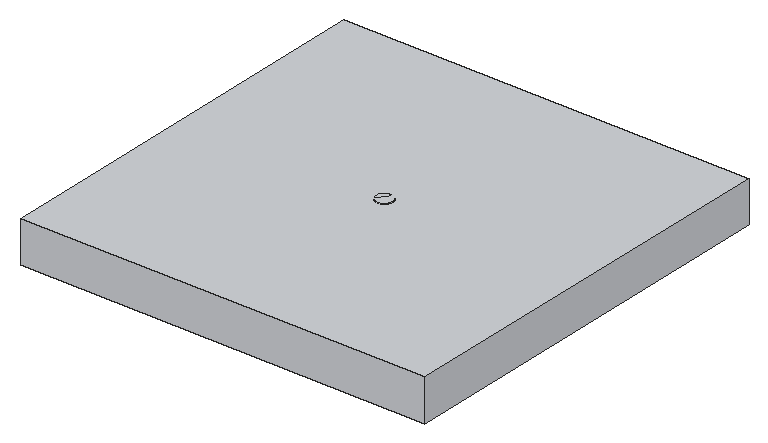
Revit family "M_Round Face Opening SolidV20", category Generic Models, host Face, Revit 2020
Family settings
  Host = Face
  Can host rebar = No
  Round Connector Dimension = Use Diameter
  Part Type = Normal
  OmniClass Number = 23.30.00.00
  OmniClass Title = Openings, Passages, Protection
  Cut with Voids When Loaded = Yes
  Shared = No
  Room Calculation Point = No
Parameters (values of type "Round Face Opening")
  Struc - Date [instance] = ""
  Struc - Comment [instance] = "-"
  Struc - Approval [instance] = no
  Slope_Help [instance] = if(Face Offset_True = 0 cm, 0.2 cm, 0.1 cm)  # 0.2 cm
  Service Type [instance] = ""
  Opening Shape [instance] = ""
  Opening Mark [instance] = ""
  Opening Level [instance] = ""
  Opening Elevation [instance] = 0 cm
  MEP - Not Required [instance] = no
  MEP - Date [instance] = ""
  MEP - Comment [instance] = "-"
  MEP - Approval [instance] = no
  Face Offset_Positive [instance] = if(Face Offset_True > 0 cm, Face Offset_True, 0 cm)  # 0 cm
  Face Offset_Negative [instance] = if(Face Offset_True < 0 cm, -Face Offset_True, 0 cm)  # 0 cm
  Face Offset_True [instance] = if(Slope = 0.00°, Face Offset, 0 cm)  # 0 cm
  Face Offset [instance] = 0 cm
  Top Length [instance] = if(Face Offset_True = 0 cm, if(or(Slope < -1.00°, Slope > 1.00°), Diameter_True / 2 * if(Angle > 90.00°, -tan(Slope), tan(Slope)), 0 cm), 0 cm)  # 0 cm
  System Type [instance] = ""
  System Name [instance] = ""
  System Classification [instance] = ""
  Subcategory = "Cut Opening"  # constant formula
  Slope_T [instance] = if(and(not(Slope < 0.00°), Slope < 85.00°), Slope, 0.00°)  # 0.00°
  Slope [instance] = 0.00°
  Radius True [instance] = Diameter_True / 2  # 5 cm
  Radius [instance] = Diameter / 2  # 5 cm
  Opening Area [instance] = pi() * (Diameter / 2) ^ 2  # 0.00785398 m²
  Insertion Date [instance] = ""
  Insertion Configuration [instance] = ""
  Inserted By [instance] = ""
  Host [instance] = ""
  Filled Region = no
  Lines [instance] = not(Filled Region)  # yes
  Diameter [instance] = if(D > 0.4 cm, D + 2 * Cut Offset, 0.4 cm)  # 10 cm
  Detail - Yes / No [instance] = no
  Depth [instance] = 25 cm
  Dashed Outline = no
  D(") [instance] = (D) / (2.634)  # 3.7965 cm
  D Total [instance] = Diameter  # 10 cm
  D [instance] = 10 cm
  Depth_True [instance] = if(Depth + Face Offset_True > 0.2 cm, Depth + Face Offset_True, 0.2 cm)  # 25 cm
  Cut Offset Report [instance] = Cut Offset  # 0 cm
  Cut Offset [instance] = 0 cm
  Bottom Length [instance] = if(Face Offset_True = 0 cm, Depth_True / sin(if(or(Angle = 0.00°, Angle = 180.00°, Angle = 360.00°), 90.00°, Angle)) + if(or(Slope < -1.00°, Slope > 1.00°), Diameter_True / 2 * if(Angle > 90.00°, -tan(Slope), tan(Slope)), 0 cm), Depth_True)  # 25 cm
  Diameter_True [instance] = Diameter / sin(Angle)  # 10 cm
  Extrusion End [instance] = if(Depth > 0.2 cm, -Depth_True, -0.2 cm)  # -25 cm
  Default Elevation = 0 cm
  Assembly Code = ""
  Arc - Date [instance] = ""
  Arc - Comment [instance] = "-"
  Arc - Approval [instance] = no
  Angle [instance] = 90.00° - Slope  # 90.00°
  #Phase Created [instance] = ""
  #Level [instance] = ""
  #Family Name = "Basic Wall"
  #Elevation at Bottom [instance] = 0 cm
  ##Reference Level [instance] = ""
  ##Middle Elevation [instance] = 0 cm
  ##Design Option [instance] = ""
Reference planes (cm)
  plane 1 "Center (Front/Back)": y = 0
  plane 2: z = 0
  plane 3 "Center (Left/Right)": x = 0
  plane 4: x = -5
  plane 5: x = 5
  plane 6: y = -5
  plane 7: y = 5
  plane 8 "Face Offset_Positive": z = 0
  plane 9 "Face Offset_Negative": z = 0
Forms (cm)
  Extrusion 1, solid
    sketch origin (0, 0, 0) x (1, 0, 0) y (0, 1, 0)
      loop
        line (-121.92, 121.92) -> (-121.92, -121.92) -> (121.92, -121.92) -> (121.92, 121.92) -> (-121.92, 121.92)
    from 0 to -25 <- "Extrusion End"
  Sweep 2, solid
    path in 3D
      loop
        line (0, 0, 0) -> (0, 0, -0.2) -> (0, 0, -25)
    profile origin (0, 0, -12.6) x (1, 0, 0) y (0, 1, 0)
      loop
        circle (0, 0) r 5
Lines and regions (cm)
  reference lines
    curve 1: line (0, 0, -0.2) -> (0, 0, 0)
    curve 2: line (0, 0, -0.2) -> (0, 0, -25)
  sketch lines
    curve 3: line (0, 0, -0.2) -> (0, 0, -25)
    curve 4: line (0, 0, -0.2) -> (0, 0, 0)
  symbolic lines
    curve 5: line (-3.5355, -3.5355, 0) -> (3.5355, 3.5355, 0)
    curve 6: line (-3.5355, 3.5355, 0) -> (3.5355, -3.5355, 0)
  symbolic lines, visible <- "Dashed Outline"
    curve 7: circle (0, 0, 0) r 5 normal (0, 0, 1)
Dimensions and locks (cm)
  equal spacing: plane 4, plane 3 "Center (Left/Right)", plane 5
  "Diameter": plane 4 to plane 5
  equal spacing: plane 7, plane 1 "Center (Front/Back)", plane 6
  "Diameter_True": plane 7 to plane 6
  "Bottom Length": plane 9 "Face Offset_Negative" to curve 2
  "Top Length": plane 9 "Face Offset_Negative" to curve 1
  locked: curve 5 to curve 2
  locked: curve 6 to curve 2
  "Face Offset_Positive": plane 8 "Face Offset_Positive" to plane 2
  "Face Offset_Negative": plane 8 "Face Offset_Positive" to plane 9 "Face Offset_Negative"
  "Slope_Help": plane 9 "Face Offset_Negative" to curve 1
  "Radius": radius of Sweep 2 sketch curve
  "Radius": radius of curve 7
  "Angle": angle curve 2 to level
  "Angle": angle curve 1 to level
  angle plane 1 "Center (Front/Back)" to curve 5 = 45.00°
  angle curve 6 to plane 1 "Center (Front/Back)" = 45.00°
  aligned and locked: plane 2 to Extrusion 1
  aligned and locked: level to Extrusion 1
  aligned and locked: plane 1 "Center (Front/Back)" to curve 2
  aligned and locked: plane 3 "Center (Left/Right)" to Sweep 2 sketch curve
  aligned and locked: plane 6 to nested 1
  aligned and locked: nested 2 to plane 4
  aligned and locked: plane 6 to nested 3
  aligned and locked: plane 6 to nested 4
  aligned and locked: nested 5 to plane 4
  aligned and locked: nested 6 to plane 4
  aligned and locked: nested 4 to plane 9 "Face Offset_Negative"
  aligned and locked: nested 3 to plane 9 "Face Offset_Negative"
  aligned and locked: nested 1 to plane 9 "Face Offset_Negative"
  aligned and locked: nested 5 to plane 9 "Face Offset_Negative"
  aligned and locked: nested 2 to plane 9 "Face Offset_Negative"
  aligned and locked: nested 6 to plane 9 "Face Offset_Negative"
  aligned and locked: plane 3 "Center (Left/Right)" to curve 7
  aligned and locked: plane 1 "Center (Front/Back)" to curve 7
Automatic sketch dimensions
  Extrusion 1 sketch curve to Extrusion 1 sketch curve = 243.84 cm  (x2)
  profile plane to Sweep 2 sketch curve = 0 cm
Nested families (cm)
  nested 1: "Opening Lines - Front/Side" at (0, -5, 0) x (0, 1, 0) z (1, 0, 0), Width_or_Height <- "Diameter_True", Depth <- "Depth_True", Angle <- "Angle", visible <- "Lines", type "Standard"
    with Width_or_Height_True 10 cm, Width_or_Height 10 cm, Test Angle q 36.00°, Test Angle p 225.00°, Side Length 25 cm, Region Visible yes, built-in parameter 1001306 0.32808 (stored number, unit not read), Diagonal q 26.9258 cm, Diagonal p 26.9258 cm, Depth_True 25 cm, Depth 25 cm, Coeff2 2.5, Coeff1 0.4, Angle_True 90.00°, Angle 90.00°
  nested 2: "Opening Region - Front/Side" at (-5, 0, 0) x (1, 0, 0) z (0, -1, 0), Width_or_Height <- "Diameter", Depth <- "Depth_True", visible <- "Filled Region", type "Standard"
    with Width_or_Height_True 10 cm, Width_or_Height 10 cm, Test Angle q 36.00°, Test Angle p 225.00°, Side Length 25 cm, Region Visible yes, built-in parameter 1001306 0.32808 (stored number, unit not read), Diagonal q 26.9258 cm, Diagonal p 26.9258 cm, Depth_True 25 cm, Depth 25 cm, Coeff2 2.5, Coeff1 0.4, Angle_True 90.00°, Angle 90.00°
  nested 3: "Opening Region - Front/Side" at (0, -5, 0) x (0, 1, 0) z (1, 0, 0), Angle <- "Angle", visible <- "Filled Region", Depth <- "Depth_True", Width_or_Height <- "Diameter_True", type "Standard"
    with Width_or_Height_True 10 cm, Width_or_Height 10 cm, Test Angle q 36.00°, Test Angle p 225.00°, Side Length 25 cm, Region Visible yes, built-in parameter 1001306 0.32808 (stored number, unit not read), Diagonal q 26.9258 cm, Diagonal p 26.9258 cm, Depth_True 25 cm, Depth 25 cm, Coeff2 2.5, Coeff1 0.4, Angle_True 90.00°, Angle 90.00°
  nested 4: "Opening Outlines - Front/Side" at (0, -5, 0) x (0, 1, 0) z (1, 0, 0), Width_or_Height <- "Diameter_True", Depth <- "Depth_True", Angle <- "Angle", visible <- "Dashed Outline", type "Standard"
    with Width_or_Height_True 10 cm, Width_or_Height 10 cm, Test Angle q 36.00°, Test Angle p 225.00°, Side Length 25 cm, Region Visible yes, built-in parameter 1001306 0.32808 (stored number, unit not read), Diagonal q 26.9258 cm, Diagonal p 26.9258 cm, Depth_True 25 cm, Depth 25 cm, Coeff2 2.5, Coeff1 0.4, Angle_True 90.00°, Angle 90.00°
  nested 5: "Opening Lines - Front/Side" at (-5, 0, 0) x (1, 0, 0) z (0, -1, 0), Width_or_Height <- "Diameter", Depth <- "Depth_True", visible <- "Lines", type "Standard"
    with Width_or_Height_True 10 cm, Width_or_Height 10 cm, Test Angle q 36.00°, Test Angle p 225.00°, Side Length 25 cm, Region Visible yes, built-in parameter 1001306 0.32808 (stored number, unit not read), Diagonal q 26.9258 cm, Diagonal p 26.9258 cm, Depth_True 25 cm, Depth 25 cm, Coeff2 2.5, Coeff1 0.4, Angle_True 90.00°, Angle 90.00°
  nested 6: "Opening Outlines - Front/Side" at (-5, 0, 0) x (1, 0, 0) z (0, -1, 0), Width_or_Height <- "Diameter", Depth <- "Depth_True", visible <- "Dashed Outline", type "Standard"
    with Width_or_Height_True 10 cm, Width_or_Height 10 cm, Test Angle q 36.00°, Test Angle p 225.00°, Side Length 25 cm, Region Visible yes, built-in parameter 1001306 0.32808 (stored number, unit not read), Diagonal q 26.9258 cm, Diagonal p 26.9258 cm, Depth_True 25 cm, Depth 25 cm, Coeff2 2.5, Coeff1 0.4, Angle_True 90.00°, Angle 90.00°
Definition of nested family "Opening Lines - Front/Side"
  Parameters
    Width_or_Height_True [instance] = if(Width_or_Height < 0.2 cm, 0.2 cm, if(or(0.5 * Diagonal q < 0.1 cm, 0.5 * Diagonal q < 0.1 cm), 0.2 cm, Width_or_Height))  # 2 cm
    Width_or_Height [instance] = 2 cm
    Test Angle q [instance] = Coeff1 * Angle  # 60.00°
    Test Angle p [instance] = Coeff2 * Angle  # 60.00°
    Side Length [instance] = Depth / sin(Angle)  # 2.3094 cm
    Region Visible [instance] = if(Angle < 20.00°, 1 = 0, if(or(Test Angle q < 3.00°, Test Angle p < 3.00°), 1 = 0, if(or(Width_or_Height < 0.2 cm, Depth < 0.2 cm), 1 = 0, if(or(0.5 * Diagonal q < 0.1 cm, 0.5 * Diagonal q < 0.1 cm), 1 = 0, 1 = 1))))  # yes
    built-in parameter 1001306 [instance] = Width_or_Height_True  # 0.065617 (stored number, unit not read)
    Diagonal q [instance] = if(Angle < 90.00°, sqrt(Side Length ^ 2 + Width_or_Height ^ 2 + 2 * Width_or_Height * Side Length * cos(Angle)), sqrt(Side Length ^ 2 + Width_or_Height ^ 2 - 2 * Width_or_Height * Side Length * cos(Angle)))  # 3.7353 cm
    Diagonal p [instance] = if(Angle < 90.00°, sqrt(Side Length ^ 2 + Width_or_Height ^ 2 - 2 * Width_or_Height * Side Length * cos(Angle)), sqrt(Side Length ^ 2 + Width_or_Height ^ 2 + 2 * Width_or_Height * Side Length * cos(Angle)))  # 2.1713 cm
    Depth_True [instance] = if(or(Test Angle q < 2.00°, Test Angle p < 2.00°), Width_or_Height, if(Depth < 0.2 cm, 0.2 cm, if(or(0.5 * Diagonal q < 0.1 cm, 0.5 * Diagonal q < 0.1 cm), Width_or_Height_True, Depth)))  # 2 cm
    Depth [instance] = 2 cm
    Coeff2 [instance] = Depth / Width_or_Height  # 1
    Coeff1 [instance] = Width_or_Height / Depth  # 1
    Angle_True [instance] = if(Angle < 20.00°, 90.00°, if(or(Test Angle q < 3.00°, Test Angle p < 3.00°), 90.00°, if(or(0.5 * Diagonal q < 0.1 cm, 0.5 * Diagonal q < 0.1 cm), 90.00°, Angle)))  # 60.00°
    Angle [instance] = 60.00°
  Reference planes (cm)
    plane 1 "Center (Front/Back)": y = 0
    plane 2: z = 0
    plane 3 "Left": x = 0
    plane 4 "Right": x = 2
    plane 5: y = -2
  Lines and regions (cm)
    reference lines, in view "Ref. Level"
      curve 1: line (0, 0, 0) -> (2, 0, 0)
      curve 2: line (2, 0, 0) -> (0.8453, -2, 0)
      curve 3: line (0, 0, 0) -> (-1.1547, -2, 0)
      curve 4: line (0, 0, 0) -> (0.8453, -2, 0)
      curve 5: line (-1.1547, -2, 0) -> (2, 0, 0)
    detail lines, in view "Ref. Level"
      curve 6: line (2, 0, 0) -> (-1.1547, -2, 0)
      curve 7: line (0, 0, 0) -> (0.8453, -2, 0)
  Dimensions and locks (cm)
    plane 3 "Left" to plane 4 "Right" = 2 cm
    "Depth_True": plane 1 "Center (Front/Back)" to plane 5
    "Width_or_Height_True": plane 3 "Left" to plane 4 "Right"
    "Angle_True": angle plane 5 to curve 2
    "Angle_True": angle plane 5 to curve 3
    aligned and locked: plane 4 "Right" to curve 1
    aligned and locked: plane 3 "Left" to curve 1
    aligned and locked: plane 5 to curve 2
    aligned and locked: plane 1 "Center (Front/Back)" to curve 1
    aligned and locked: curve 5 to curve 6
    aligned and locked: curve 7 to curve 4  (x2)
    aligned and locked: curve 6 to curve 5
  Automatic sketch dimensions
    curve 5 to plane 5 = 0 cm
    curve 6 to plane 5 = 0 cm
    plane 1 "Center (Front/Back)" to curve 7 = 0 cm
    curve 7 to plane 5 = 0 cm
    plane 1 "Center (Front/Back)" to curve 6 = 0 cm
Definition of nested family "Opening Region - Front/Side"
  Parameters
    Width_or_Height_True [instance] = if(Width_or_Height < 0.2 cm, 0.2 cm, if(or(0.5 * Diagonal q < 0.1 cm, 0.5 * Diagonal q < 0.1 cm), 0.2 cm, Width_or_Height))  # 10 cm
    Width_or_Height [instance] = 10 cm
    Test Angle q [instance] = Coeff1 * Angle  # 40.00°
    Test Angle p [instance] = Coeff2 * Angle  # 160.00°
    Side Length [instance] = Depth / sin(Angle)  # 20.3085 cm
    Region Visible [instance] = if(Angle < 20.00°, 1 = 0, if(or(Test Angle q < 3.00°, Test Angle p < 3.00°), 1 = 0, if(or(Width_or_Height < 0.2 cm, Depth < 0.2 cm), 1 = 0, if(or(0.5 * Diagonal q < 0.1 cm, 0.5 * Diagonal q < 0.1 cm), 1 = 0, 1 = 1))))  # yes
    built-in parameter 1001306 [instance] = Width_or_Height_True  # 0.32808 (stored number, unit not read)
    Diagonal q [instance] = if(Angle < 90.00°, sqrt(Side Length ^ 2 + Width_or_Height ^ 2 + 2 * Width_or_Height * Side Length * cos(Angle)), sqrt(Side Length ^ 2 + Width_or_Height ^ 2 - 2 * Width_or_Height * Side Length * cos(Angle)))  # 24.1447 cm
    Diagonal p [instance] = if(Angle < 90.00°, sqrt(Side Length ^ 2 + Width_or_Height ^ 2 - 2 * Width_or_Height * Side Length * cos(Angle)), sqrt(Side Length ^ 2 + Width_or_Height ^ 2 + 2 * Width_or_Height * Side Length * cos(Angle)))  # 21.0216 cm
    Depth_True [instance] = if(or(Test Angle q < 2.00°, Test Angle p < 2.00°), Width_or_Height, if(Depth < 0.2 cm, 0.2 cm, if(or(0.5 * Diagonal q < 0.1 cm, 0.5 * Diagonal q < 0.1 cm), Width_or_Height_True, Depth)))  # 20 cm
    Depth [instance] = 20 cm
    Coeff2 [instance] = Depth / Width_or_Height  # 2
    Coeff1 [instance] = Width_or_Height / Depth  # 0.5
    Angle_True [instance] = if(Angle < 20.00°, 90.00°, if(or(Test Angle q < 3.00°, Test Angle p < 3.00°), 90.00°, if(or(0.5 * Diagonal q < 0.1 cm, 0.5 * Diagonal q < 0.1 cm), 90.00°, Angle)))  # 80.00°
    Angle [instance] = 80.00°
  Reference planes (cm)
    plane 1 "Center (Front/Back)": y = 0
    plane 2: z = 0
    plane 3 "Left": x = 0
    plane 4 "Right": x = 10
    plane 5: y = -20
  Lines and regions (cm)
    Filled region 1, type "Solid Fill - Black", in view "Ref. Level", visible <- "Region Visible"
      outline origin (0, 0, 0) x (1, 0, 0) y (0, 1, 0)
        loop
          line (10, 0) -> (3.2367, -10) -> (6.4735, -20) -> (10, 0)
    Filled region 2, type "Solid Fill - Black", in view "Ref. Level", visible <- "Region Visible"
      outline origin (0, 0, 0) x (1, 0, 0) y (0, 1, 0)
        loop
          line (0, 0) -> (-3.5265, -20) -> (3.2367, -10) -> (0, 0)
    reference lines, in view "Ref. Level"
      curve 1: line (0, 0, 0) -> (10, 0, 0)
      curve 2: line (10, 0, 0) -> (6.4735, -20, 0)
      curve 3: line (0, 0, 0) -> (-3.5265, -20, 0)
      curve 4: line (0, 0, 0) -> (6.4735, -20, 0)
      curve 5: line (-3.5265, -20, 0) -> (10, 0, 0)
  Dimensions and locks (cm)
    plane 3 "Left" to plane 4 "Right" = 10 cm
    "Depth_True": plane 1 "Center (Front/Back)" to plane 5
    "Width_or_Height_True": plane 3 "Left" to plane 4 "Right"
    "Angle_True": angle plane 5 to curve 2
    "Angle_True": angle plane 5 to curve 3
    aligned and locked: plane 4 "Right" to curve 1
    aligned and locked: plane 3 "Left" to curve 1
    aligned and locked: plane 5 to curve 2
    aligned and locked: plane 1 "Center (Front/Back)" to curve 1
    aligned and locked: Filled region 2 sketch curve to curve 3
    aligned and locked: Filled region 2 sketch curve to curve 5
    aligned and locked: Filled region 2 sketch curve to curve 4
    aligned and locked: Filled region 1 sketch curve to curve 5
    aligned and locked: Filled region 1 sketch curve to curve 4
    aligned and locked: Filled region 1 sketch curve to curve 2
  Automatic sketch dimensions
    curve 5 to plane 5 = 0 cm
Definition of nested family "Opening Outlines - Front/Side"
  Parameters (values of type "Standard")
    Width_or_Height_True [instance] = if(Width_or_Height < 0.2 cm, 0.2 cm, if(or(0.5 * Diagonal q < 0.1 cm, 0.5 * Diagonal q < 0.1 cm), 0.2 cm, Width_or_Height))  # 2 cm
    Width_or_Height [instance] = 2 cm
    Test Angle q [instance] = Coeff1 * Angle  # 60.00°
    Test Angle p [instance] = Coeff2 * Angle  # 60.00°
    Side Length [instance] = Depth / sin(Angle)  # 2.3094 cm
    Region Visible [instance] = if(Angle < 20.00°, 1 = 0, if(or(Test Angle q < 3.00°, Test Angle p < 3.00°), 1 = 0, if(or(Width_or_Height < 0.2 cm, Depth < 0.2 cm), 1 = 0, if(or(0.5 * Diagonal q < 0.1 cm, 0.5 * Diagonal q < 0.1 cm), 1 = 0, 1 = 1))))  # yes
    built-in parameter 1001306 [instance] = Width_or_Height_True  # 0.065617 (stored number, unit not read)
    Diagonal q [instance] = if(Angle < 90.00°, sqrt(Side Length ^ 2 + Width_or_Height ^ 2 + 2 * Width_or_Height * Side Length * cos(Angle)), sqrt(Side Length ^ 2 + Width_or_Height ^ 2 - 2 * Width_or_Height * Side Length * cos(Angle)))  # 3.7353 cm
    Diagonal p [instance] = if(Angle < 90.00°, sqrt(Side Length ^ 2 + Width_or_Height ^ 2 - 2 * Width_or_Height * Side Length * cos(Angle)), sqrt(Side Length ^ 2 + Width_or_Height ^ 2 + 2 * Width_or_Height * Side Length * cos(Angle)))  # 2.1713 cm
    Depth_True [instance] = if(or(Test Angle q < 2.00°, Test Angle p < 2.00°), Width_or_Height, if(Depth < 0.2 cm, 0.2 cm, if(or(0.5 * Diagonal q < 0.1 cm, 0.5 * Diagonal q < 0.1 cm), Width_or_Height_True, Depth)))  # 2 cm
    Depth [instance] = 2 cm
    Coeff2 [instance] = Depth / Width_or_Height  # 1
    Coeff1 [instance] = Width_or_Height / Depth  # 1
    Angle_True [instance] = if(Angle < 20.00°, 90.00°, if(or(Test Angle q < 3.00°, Test Angle p < 3.00°), 90.00°, if(or(0.5 * Diagonal q < 0.1 cm, 0.5 * Diagonal q < 0.1 cm), 90.00°, Angle)))  # 60.00°
    Angle [instance] = 60.00°
  Reference planes (cm)
    plane 1 "Center (Front/Back)": y = 0
    plane 2: z = 0
    plane 3 "Left": x = 0
    plane 4 "Right": x = 2
    plane 5: y = -2
  Lines and regions (cm)
    reference lines, in view "Ref. Level"
      curve 1: line (0, 0, 0) -> (2, 0, 0)
      curve 2: line (2, 0, 0) -> (0.8453, -2, 0)
      curve 3: line (0, 0, 0) -> (-1.1547, -2, 0)
    detail lines, in view "Ref. Level"
      curve 4: line (-1.1547, -2, 0) -> (0, 0, 0)
      curve 5: line (0, 0, 0) -> (2, 0, 0)
      curve 6: line (2, 0, 0) -> (0.8453, -2, 0)
      curve 7: line (0.8453, -2, 0) -> (-1.1547, -2, 0)
  Dimensions and locks (cm)
    plane 3 "Left" to plane 4 "Right" = 2 cm
    "Depth_True": plane 1 "Center (Front/Back)" to plane 5
    "Width_or_Height_True": plane 3 "Left" to plane 4 "Right"
    "Angle_True": angle plane 5 to curve 2
    "Angle_True": angle plane 5 to curve 3
    aligned and locked: plane 4 "Right" to curve 1
    aligned and locked: plane 3 "Left" to curve 1
    aligned and locked: plane 5 to curve 2
    aligned and locked: plane 1 "Center (Front/Back)" to curve 1
    aligned and locked: curve 2 to curve 6
    aligned and locked: plane 1 "Center (Front/Back)" to curve 5
    aligned and locked: plane 5 to curve 7
    aligned and locked: curve 4 to curve 3
